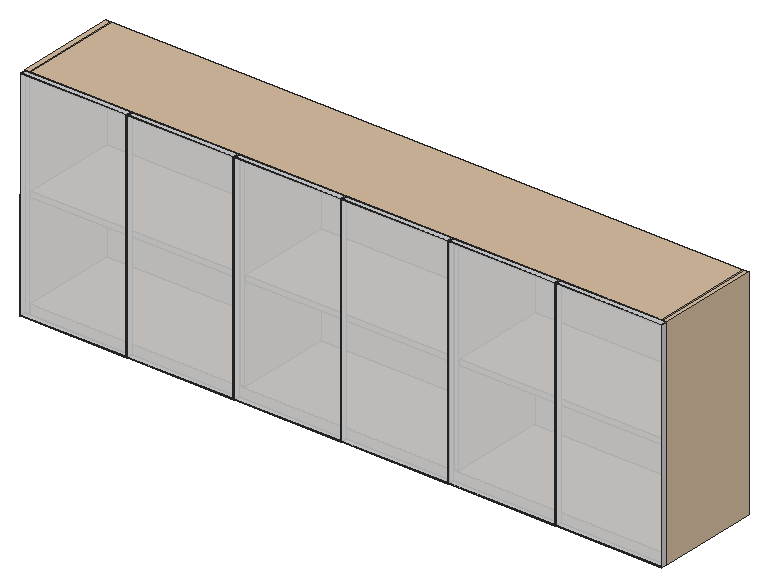
Revit family "Haworth_Masters_OverheadStorageUnit", category Furniture Systems, Revit 2018
Family settings
  Round Connector Dimension = Use Diameter
  Part Type = Normal
  OmniClass Number = 23.40.70.14.64.21
  OmniClass Title = Systems Furniture
  Work Plane-Based = No
  Always vertical = Yes
  Cut with Voids When Loaded = No
  Shared = No
  Room Calculation Point = No
Parameters (values of type "33H 96W With Glass Hinged Doors")
  Width = 96"
  Warranty = "http://www.haworth.com/resources/product-info/warranties"
  URL = "http://www.haworth.com/"
  Trim Finish = Haworth _ Metal _ Brushed Aluminum
  Standard Widths = "60-108 in. @ 6 in. increments"  # constant formula
  Solid Door = no
  Sliding Right = or(and(Sliding Door, Actual Width > 72"), Hinged Doors)  # yes
  Sliding Left = or(Sliding Door, Hinged Doors)  # yes
  Sliding Door Front Width = if(and(Actual Width > 72", Sliding Door), (Actual Width / 3) - 1/8", if(and(Actual Width < 73", Sliding Door), (Actual Width / 2) - 1/8", Hinged Door Front Width))  # 15 7/8"
  Sliding Door = no
  Shelf Two Section = and([33in. Height], Actual Width < 73")  # no
  Shelf Offset Bottom = 15 1/2"  # constant formula
  Shelf Offset = 15"  # constant formula
  Shelf Front Offset = if(Hinged Doors, 1", 2 1/2")  # 1"
  Shelf Finish = Haworth _ Wood _ Beech
  Shelf Three Section = and([33in. Height], Actual Width > 73")  # yes
  Product Page URL = "http://www.haworth.com/products/desks-and-storage/executive/suite"
  Panel Thickness = 3/4"  # constant formula
  Sustainability Info = "http://www.haworth.com/company-info/sustainablility"
  Size = "Verify Final Dim. w/ Haworth"  # constant formula
  Revision Number = "2"  # constant formula
  Mounting Offset [instance] = 48 1/2"
  Model = ""
  Min Width = 42"  # constant formula
  Max Width = 108"  # constant formula
  Manufacturer = "Haworth"  # constant formula
  Hinged Left Right = Hinged Doors  # yes
  Hinged Doors = not(Sliding Door)  # yes
  Hinged Center = and(Hinged Doors, Actual Width > 72")  # yes
  Glass Door = not(Solid Door)  # yes
  Front Finish = Haworth _ Glass _ Frosted
  Door Gap = 1/16"  # constant formula
  Hinged Door Front Width = if(Actual Width > 72", (Actual Width / 6) - 1/8", if(Actual Width < 42 13/128", (Actual Width / 2) - 1/8", (Actual Width / 4) - 1/8"))  # 15 7/8"
  Door Front Offset = 1/8"  # constant formula
  Door Front Height = Actual Height  # 32 1/2"
  Door Front Depth = 7/8"  # constant formula
  Divider Left Right = Actual Width > 72"  # yes
  Divider Center = Actual Width < 73"  # no
  Divider LR Location = Actual Width / 3  # 32"
  Custom Size = not(or(Width = 60", Width = 66", Width = 72", Width = 78", Width = 84", Width = 90", Width = 96", Width = 102", Width = 108"))  # no
  Arrow Offset = 6"  # constant formula
  Actual Depth = 16"  # constant formula
  33in. Height = yes
  Description = "Haworth - Masters Overhead Storage Unit"  # constant formula
  Cabinet Finish = Haworth _ Wood _ Beech
  Base Height = 1 1/2"  # constant formula
  Author = "Haworth (Hampton)"  # constant formula
  Assembly Code = "E2020200"
  Actual Width = if(Width > Max Width, Max Width, if(Width < Min Width, Min Width, Width))  # 96"
  Actual Height = if([33in. Height], 32 1/2", 16 1/2")  # 32 1/2"
  17in. Height = not([33in. Height])  # no
Types (6): name | Width | Trim Finish | Solid Door | Sliding Door Front Width | Sliding Door | Shelf Front Offset | Shelf Finish | Shelf Three Section | Model | Hinged Left Right | Hinged Doors | Hinged Center | Glass Door | Front Finish | Hinged Door Front Width | Door Front Height | Divider Left Right | Divider Center | Divider LR Location | Custom Size | 33in. Height | Cabinet Finish | Actual Width | Actual Height | 17in. Height
  17H 96W With Glass Hinged Doors | 96" | Haworth _ Metal _ Brushed Aluminum | no | 15 7/8" | no | 1" | Haworth _ Wood _ Beech | no | "" | yes | yes | yes | yes | Haworth _ Glass _ Frosted | 15 7/8" | 16 1/2" | yes | no | 32" | no | no | Haworth _ Wood _ Beech | 96" | 16 1/2" | yes
  33H 96W With Glass Hinged Doors | 96" | Haworth _ Metal _ Brushed Aluminum | no | 15 7/8" | no | 1" | Haworth _ Wood _ Beech | yes | "" | yes | yes | yes | yes | Haworth _ Glass _ Frosted | 15 7/8" | 32 1/2" | yes | no | 32" | no | yes | Haworth _ Wood _ Beech | 96" | 32 1/2" | no
  33H 96W With Glass Sliding Doors | 96" | Haworth _ Metal _ Brushed Aluminum | no | 31 7/8" | yes | 2 1/2" | Haworth _ Wood _ Beech | yes | "" | no | no | no | yes | Haworth _ Glass _ Frosted | 15 7/8" | 32 1/2" | yes | no | 32" | no | yes | Haworth _ Wood _ Beech | 96" | 32 1/2" | no
  17H 96W With Glass Sliding Doors | 96" | Haworth _ Metal _ Brushed Aluminum | no | 31 7/8" | yes | 2 1/2" | Haworth _ Wood _ Beech | no | "" | no | no | no | yes | Haworth _ Glass _ Frosted | 15 7/8" | 16 1/2" | yes | no | 32" | no | no | Haworth _ Wood _ Beech | 96" | 16 1/2" | yes
  17h 42w With Glass Hinged Doors | 42" | Haworth _ Paint _ Undecided _ Storage | yes | 20 7/8" | no | 1" | Haworth _ Wood _ Undecided _ Storage | no | "Haworth - Masters Overhead Storage Unit" | yes | yes | no | no | Haworth _ Wood _ Undecided _ Storage | 20 7/8" | 16 1/2" | no | yes | 14" | yes | no | Haworth _ Wood _ Undecided _ Storage | 42" | 16 1/2" | yes
  17h 72w With Glass Hinged Doors | 72" | Haworth _ Paint _ Undecided _ Storage | yes | 17 7/8" | no | 1" | Haworth _ Wood _ Undecided _ Storage | no | "Haworth - Masters Overhead Storage Unit" | yes | yes | no | no | Haworth _ Wood _ Undecided _ Storage | 17 7/8" | 16 1/2" | no | yes | 24" | no | no | Haworth _ Wood _ Undecided _ Storage | 72" | 16 1/2" | yes
Reference planes (in)
  plane 1 "Back": y = -0.5
  plane 2: z = 48.5
  plane 3 "Center L/R": x = -0.5
  plane 4 "Left": x = -48.5
  plane 5 "Right": x = 47.5
  plane 6 "Back of Drawer": y = -15.625
  plane 7 "Front": y = -16.5
  plane 8 "Top of Base": z = 50
  plane 9 "Left Inside": x = -47.75
  plane 10 "Right Inside": x = 46.75
  plane 11 "Center F/B": y = -8.5
  plane 12 "Back Inside Cabinet": y = -1.25
  plane 13 "Top": z = 81
  plane 14 "Shelf Front": y = -15.5
  plane 15 "Door Edge Left": x = -48.4375
  plane 16 "Door Edge Right": x = 47.4375
  plane 17 "Top Bottom": z = 80.25
  plane 18 "Shelf 4 Top": z = 65
  plane 19 "Shelf 4 Bottom": z = 64.25
  plane 20 "Divider Left": x = -16.5
  plane 21 "Divider Right": x = 15.5
  plane 22: x = -17.25
  plane 23: x = -16.5625
  plane 24: x = -16.4375
  plane 25: x = -15.75
  plane 26: x = -1.25
  plane 27: x = -0.5625
  plane 28: x = -0.4375
  plane 29: x = 0.25
  plane 30: x = 14.75
  plane 31: x = 15.4375
  plane 32: x = 15.5625
  plane 33: x = 16.25
  plane 34: y = -15.75
  plane 35 "Door Left Left": x = -32.5625
  plane 36 "Door Right Right": x = 31.5625
  plane 37 "Door Left Right": x = -32.4375
  plane 38 "Door Right Left": x = 31.4375
Forms (in)
  Extrusion 1, solid, material "Haworth _ Wood _ Beech" <- "Cabinet Finish"
    sketch origin (114.68227, -6.06265, 0) x (1, 0, 0) y (0, 1, 0)
      loop
        line (-163.18227, 5.56265) -> (-163.18227, -9.56235) -> (-162.43227, -9.56235) -> (-162.43227, 5.56265) -> (-163.18227, 5.56265)
      loop
        line (-67.18227, 5.56265) -> (-67.93227, 5.56265) -> (-67.93227, -9.56235) -> (-67.18227, -9.56235) -> (-67.18227, 5.56265)
    from 48.5 to 81
  Extrusion 2, solid, material "Haworth _ Wood _ Beech" <- "Cabinet Finish"
    sketch origin (0, 0, 29.75) x (1, 0, 0) y (0, 1, 0)
      loop
        line (-47.75, -1.25) -> (-47.75, -15.625) -> (46.75, -15.625) -> (46.75, -1.25) -> (-47.75, -1.25)
    from 18.75 to 20.25
  Extrusion 3, solid, material "Haworth _ Wood _ Beech" <- "Cabinet Finish"
    sketch origin (0, 0, 0) x (1, 0, 0) y (0, 1, 0)
      loop
        line (-47.75, -0.5) -> (-47.75, -1.25) -> (46.75, -1.25) -> (46.75, -0.5) -> (-47.75, -0.5)
    from 48.5 to 80.25
  Extrusion 4, solid, material "Haworth _ Wood _ Beech" <- "Cabinet Finish"
    sketch origin (0, 0, 0) x (1, 0, 0) y (0, 1, 0)
      loop
        line (-47.75, -0.5) -> (-47.75, -15.625) -> (46.75, -15.625) -> (46.75, -0.5) -> (-47.75, -0.5)
    from 80.25 to 81
  Extrusion 5, solid, material "Haworth _ Wood _ Beech" <- "Cabinet Finish", visible <- "Divider Left Right"
    sketch origin (129.68227, -6.06265, 0) x (1, 0, 0) y (0, 1, 0)
      loop
        line (-146.93227, 4.81265) -> (-146.93227, -9.43735) -> (-146.18227, -9.43735) -> (-146.18227, 4.81265) -> (-146.93227, 4.81265)
    from 50 to 80.25
  Extrusion 6, solid, material "Haworth _ Wood _ Beech" <- "Cabinet Finish", visible <- "Divider Left Right"
    sketch origin (133.68227, -6.06265, 0) x (1, 0, 0) y (0, 1, 0)
      loop
        line (-150.18227, 4.81265) -> (-150.18227, -9.43735) -> (-149.43227, -9.43735) -> (-149.43227, 4.81265) -> (-150.18227, 4.81265)
    from 50 to 80.25
  Extrusion 7, solid, material "Haworth _ Wood _ Beech" <- "Cabinet Finish", visible <- "Divider Center"
    sketch origin (160.68227, -6.06265, 0) x (1, 0, 0) y (0, 1, 0)
      loop
        line (-161.93227, 4.81265) -> (-161.93227, -9.43735) -> (-161.18227, -9.43735) -> (-161.18227, 4.81265) -> (-161.93227, 4.81265)
    from 50 to 80.25
  Extrusion 8, solid, material "Haworth _ Wood _ Beech" <- "Cabinet Finish", visible <- "Divider Center"
    sketch origin (164.68227, -6.06265, 0) x (1, 0, 0) y (0, 1, 0)
      loop
        line (-165.18227, 4.81265) -> (-165.18227, -9.43735) -> (-164.43227, -9.43735) -> (-164.43227, 4.81265) -> (-165.18227, 4.81265)
    from 50 to 80.25
  Extrusion 9, solid, material "Haworth _ Wood _ Beech" <- "Cabinet Finish", visible <- "Divider Left Right"
    sketch origin (180.68227, -6.06265, 0) x (1, 0, 0) y (0, 1, 0)
      loop
        line (-165.93227, 4.81265) -> (-165.93227, -9.43735) -> (-165.18227, -9.43735) -> (-165.18227, 4.81265) -> (-165.93227, 4.81265)
    from 50 to 80.25
  Extrusion 10, solid, material "Haworth _ Wood _ Beech" <- "Cabinet Finish", visible <- "Divider Left Right"
    sketch origin (183.68227, -6.06265, 0) x (1, 0, 0) y (0, 1, 0)
      loop
        line (-168.18227, 4.81265) -> (-168.18227, -9.43735) -> (-167.43227, -9.43735) -> (-167.43227, 4.81265) -> (-168.18227, 4.81265)
    from 50 to 80.25
  Extrusion 11, solid, material "Haworth _ Wood _ Beech" <- "Shelf Finish", visible <- "Shelf Two Section"
    sketch origin (0, 0, 0) x (1, 0, 0) y (0, 1, 0)
      loop
        line (-47.75, -1.25) -> (-47.75, -15.5) -> (-1.25, -15.5) -> (-1.25, -1.25) -> (-47.75, -1.25)
      loop
        line (0.25, -1.25) -> (0.25, -15.5) -> (46.75, -15.5) -> (46.75, -1.25) -> (0.25, -1.25)
    from 64.25 to 65
  Extrusion 12, solid, material "Haworth _ Wood _ Beech" <- "Shelf Finish", visible <- "Shelf Three Section"
    sketch origin (0, 0, 0) x (1, 0, 0) y (0, 1, 0)
      loop
        line (-47.75, -1.25) -> (-47.75, -15.5) -> (-17.25, -15.5) -> (-17.25, -1.25) -> (-47.75, -1.25)
      loop
        line (-15.75, -1.25) -> (-15.75, -15.5) -> (14.75, -15.5) -> (14.75, -1.25) -> (-15.75, -1.25)
      loop
        line (16.25, -1.25) -> (16.25, -15.5) -> (46.75, -15.5) -> (46.75, -1.25) -> (16.25, -1.25)
    from 64.25 to 65
Lines and regions (in)
  Masking region 1
    outline origin (0, 0, 0) x (1, 0, 0) y (0, 1, 0)
      loop
        line (-48.5, -0.5) -> (-48.5, -15.625) -> (47.5, -15.625) -> (47.5, -0.5) -> (-48.5, -0.5)
  symbolic lines, style "Haworth Hidden", detail levels medium+fine
    curve 1: line (-47.75, -1.25, 0) -> (46.75, -1.25, 0)
    curve 2: line (46.75, -0.5, 0) -> (46.75, -15.625, 0)
    curve 3: line (-47.75, -0.5, 0) -> (-47.75, -15.625, 0)
Dimensions and locks (in)
  "Actual Depth": plane 1 "Back" to plane 7 "Front"
  "Actual Width": plane 4 "Left" to plane 5 "Right"
  equal spacing: plane 4 "Left", plane 3 "Center L/R", plane 5 "Right"
  "Panel Thickness": plane 9 "Left Inside" to plane 4 "Left"
  "Panel Thickness": plane 5 "Right" to plane 10 "Right Inside"
  "Base Height": plane 8 "Top of Base" to plane 2
  "Panel Thickness": plane 12 "Back Inside Cabinet" to plane 1 "Back"
  "Door Front Depth": plane 6 "Back of Drawer" to plane 7 "Front"
  "Shelf Front Offset": plane 14 "Shelf Front" to plane 7 "Front"
  "Panel Thickness": plane 13 "Top" to plane 17 "Top Bottom"
  "Panel Thickness": plane 18 "Shelf 4 Top" to plane 19 "Shelf 4 Bottom"
  "Door Gap": plane 4 "Left" to plane 15 "Door Edge Left"
  "Door Gap": plane 16 "Door Edge Right" to plane 5 "Right"
  "Mounting Offset": plane 2 to level
  "Actual Height": plane 13 "Top" to plane 2
  "Divider LR Location": plane 4 "Left" to plane 20 "Divider Left"
  "Divider LR Location": plane 21 "Divider Right" to plane 5 "Right"
  "Door Gap": plane 23 to plane 20 "Divider Left"
  "Door Gap": plane 20 "Divider Left" to plane 24
  "Panel Thickness": plane 22 to plane 20 "Divider Left"
  "Panel Thickness": plane 20 "Divider Left" to plane 25
  "Door Gap": plane 27 to plane 3 "Center L/R"
  "Panel Thickness": plane 26 to plane 3 "Center L/R"
  "Door Gap": plane 3 "Center L/R" to plane 28
  "Panel Thickness": plane 3 "Center L/R" to plane 29
  "Door Gap": plane 31 to plane 21 "Divider Right"
  "Panel Thickness": plane 30 to plane 21 "Divider Right"
  "Door Gap": plane 21 "Divider Right" to plane 32
  "Panel Thickness": plane 21 "Divider Right" to plane 33
  "Door Front Offset": plane 6 "Back of Drawer" to plane 34
  "Hinged Door Front Width": plane 15 "Door Edge Left" to plane 35 "Door Left Left"
  "Hinged Door Front Width": plane 36 "Door Right Right" to plane 16 "Door Edge Right"
  "Door Front Offset": plane 35 "Door Left Left" to plane 37 "Door Left Right"
  "Door Front Offset": plane 38 "Door Right Left" to plane 36 "Door Right Right"
  aligned and locked: plane 5 "Right" to Extrusion 1 sketch curve
  aligned and locked: plane 4 "Left" to Extrusion 1 sketch curve
  aligned and locked: Extrusion 1 sketch curve to plane 9 "Left Inside"
  aligned and locked: Extrusion 1 sketch curve to plane 10 "Right Inside"
  aligned and locked: plane 8 "Top of Base" to Extrusion 2
  aligned and locked: plane 6 "Back of Drawer" to Extrusion 2 sketch curve
  aligned and locked: Extrusion 1 sketch curve to plane 6 "Back of Drawer"
  aligned and locked: Extrusion 2 to plane 2
  aligned and locked: plane 9 "Left Inside" to Extrusion 2 sketch curve
  aligned and locked: Extrusion 2 sketch curve to plane 10 "Right Inside"
  aligned and locked: Extrusion 2 sketch curve to plane 12 "Back Inside Cabinet"
  aligned and locked: plane 1 "Back" to Extrusion 3 sketch curve
  aligned and locked: plane 12 "Back Inside Cabinet" to Extrusion 3 sketch curve
  aligned: plane 13 "Top" to Extrusion 3
  aligned and locked: plane 5 "Right" to Masking region 1 sketch curve
  aligned and locked: plane 4 "Left" to Masking region 1 sketch curve
  aligned and locked: plane 6 "Back of Drawer" to Extrusion 4 sketch curve
  aligned and locked: plane 9 "Left Inside" to Extrusion 4 sketch curve
  aligned and locked: Extrusion 4 sketch curve to plane 10 "Right Inside"
  aligned and locked: plane 1 "Back" to Extrusion 4 sketch curve
  aligned and locked: plane 13 "Top" to Extrusion 4
  aligned and locked: Extrusion 4 to plane 17 "Top Bottom"
  aligned and locked: plane 9 "Left Inside" to Extrusion 3 sketch curve
  aligned and locked: Extrusion 3 sketch curve to plane 10 "Right Inside"
  aligned and locked: plane 1 "Back" to Extrusion 1 sketch curve  (x2)
  aligned and locked: Masking region 1 to plane 6 "Back of Drawer"
  aligned and locked: plane 13 "Top" to Extrusion 1
  aligned and locked: plane 17 "Top Bottom" to Extrusion 3
  aligned and locked: nested 1 to plane 13 "Top"
  aligned and locked: Extrusion 1 to plane 2
  aligned and locked: Extrusion 3 to plane 2
  aligned and locked: plane 17 "Top Bottom" to Extrusion 6
  aligned and locked: plane 17 "Top Bottom" to Extrusion 5
  aligned and locked: plane 17 "Top Bottom" to Extrusion 7
  aligned and locked: plane 17 "Top Bottom" to Extrusion 8
  aligned and locked: plane 17 "Top Bottom" to Extrusion 9
  aligned and locked: plane 17 "Top Bottom" to Extrusion 10
  aligned and locked: Extrusion 6 to plane 8 "Top of Base"
  aligned and locked: Extrusion 7 to plane 8 "Top of Base"
  aligned and locked: Extrusion 8 to plane 8 "Top of Base"
  aligned and locked: Extrusion 9 to plane 8 "Top of Base"
  aligned and locked: Extrusion 10 to plane 8 "Top of Base"
  aligned and locked: Extrusion 5 to plane 8 "Top of Base"
  aligned and locked: plane 12 "Back Inside Cabinet" to Extrusion 7
  aligned and locked: plane 12 "Back Inside Cabinet" to Extrusion 6
  aligned and locked: plane 12 "Back Inside Cabinet" to Extrusion 10
  aligned and locked: plane 12 "Back Inside Cabinet" to Extrusion 5
  aligned and locked: plane 12 "Back Inside Cabinet" to Extrusion 8
  aligned and locked: plane 12 "Back Inside Cabinet" to Extrusion 9
  aligned and locked: Extrusion 5 to plane 14 "Shelf Front"
  aligned and locked: Extrusion 6 to plane 14 "Shelf Front"
  aligned and locked: Extrusion 7 to plane 14 "Shelf Front"
  aligned and locked: Extrusion 8 to plane 14 "Shelf Front"
  aligned and locked: Extrusion 10 to plane 14 "Shelf Front"
  aligned and locked: Extrusion 9 to plane 14 "Shelf Front"
  aligned and locked: plane 25 to Extrusion 6
  aligned and locked: Extrusion 6 to plane 20 "Divider Left"
  aligned and locked: plane 20 "Divider Left" to Extrusion 5
  aligned and locked: Extrusion 5 to plane 22
  aligned and locked: plane 29 to Extrusion 8
  aligned and locked: Extrusion 8 to plane 3 "Center L/R"
  aligned and locked: plane 3 "Center L/R" to Extrusion 7
  aligned and locked: Extrusion 7 to plane 26
  aligned and locked: plane 33 to Extrusion 10
  aligned and locked: Extrusion 10 to plane 21 "Divider Right"
  aligned and locked: plane 21 "Divider Right" to Extrusion 9
  aligned and locked: Extrusion 9 to plane 30
  aligned and locked: plane 9 "Left Inside" to Extrusion 11 sketch curve
  aligned and locked: Extrusion 11 sketch curve to plane 26
  aligned and locked: Extrusion 11 sketch curve to plane 12 "Back Inside Cabinet"  (x2)
  aligned and locked: plane 14 "Shelf Front" to Extrusion 11 sketch curve  (x2)
  aligned and locked: plane 29 to Extrusion 11 sketch curve
  aligned and locked: Extrusion 11 sketch curve to plane 10 "Right Inside"
  aligned and locked: Extrusion 11 to plane 19 "Shelf 4 Bottom"
  aligned and locked: Extrusion 12 sketch curve to plane 10 "Right Inside"
  aligned and locked: plane 33 to Extrusion 12 sketch curve
  aligned and locked: Extrusion 12 sketch curve to plane 12 "Back Inside Cabinet"  (x3)
  aligned and locked: plane 14 "Shelf Front" to Extrusion 12 sketch curve  (x3)
  aligned and locked: Extrusion 12 sketch curve to plane 30
  aligned and locked: plane 25 to Extrusion 12 sketch curve
  aligned and locked: Extrusion 12 sketch curve to plane 22
  aligned and locked: plane 9 "Left Inside" to Extrusion 12 sketch curve
  aligned and locked: plane 18 "Shelf 4 Top" to Extrusion 12
  aligned and locked: Extrusion 12 to plane 19 "Shelf 4 Bottom"
  aligned and locked: nested 1 to plane 15 "Door Edge Left"
  aligned and locked: plane 34 to nested 1
  aligned and locked: plane 13 "Top" to nested 2
  aligned and locked: plane 13 "Top" to nested 4
  aligned and locked: nested 3 to plane 13 "Top"
  aligned and locked: plane 16 "Door Edge Right" to nested 4
  aligned and locked: nested 4 to plane 34
  aligned and locked: nested 5 to plane 24
  aligned and locked: nested 6 to plane 31
  aligned and locked: plane 13 "Top" to nested 6
  aligned and locked: nested 5 to plane 13 "Top"
  aligned and locked: nested 3 to plane 38 "Door Right Left"
  aligned and locked: plane 34 to nested 3
  aligned and locked: plane 37 "Door Left Right" to nested 2
  aligned and locked: nested 2 to plane 34
Automatic sketch dimensions
  curve 3 to plane 6 "Back of Drawer" = 0"
  curve 3 to plane 9 "Left Inside" = 0"
  plane 6 "Back of Drawer" to curve 2 = 0"
  curve 2 to plane 10 "Right Inside" = 0"
  plane 12 "Back Inside Cabinet" to curve 1 = 0"
  plane 1 "Back" to curve 3 = 0"
  plane 1 "Back" to curve 2 = 0"
  plane 6 "Back of Drawer" to Extrusion 1 sketch curve = 0"
  Masking region 1 sketch curve to plane 6 "Back of Drawer" = 0"
  plane 1 "Back" to Masking region 1 sketch curve = 0"
  plane 6 "Back of Drawer" to Extrusion 5 sketch curve = 1/8"
  plane 1 "Back" to Extrusion 5 sketch curve = 3/4"
  plane 9 "Left Inside" to Extrusion 5 sketch curve = 30 1/2"
  Extrusion 5 sketch curve to Extrusion 5 sketch curve = 3/4"
  plane 6 "Back of Drawer" to Extrusion 6 sketch curve = 1/8"
  plane 1 "Back" to Extrusion 6 sketch curve = 3/4"
  plane 22 to Extrusion 6 sketch curve = 3/4"
  Extrusion 6 sketch curve to Extrusion 6 sketch curve = 3/4"
  plane 6 "Back of Drawer" to Extrusion 7 sketch curve = 1/8"
  plane 1 "Back" to Extrusion 7 sketch curve = 3/4"
  Extrusion 7 sketch curve to plane 26 = 0"
  Extrusion 7 sketch curve to Extrusion 7 sketch curve = 3/4"
  plane 6 "Back of Drawer" to Extrusion 8 sketch curve = 1/8"
  plane 1 "Back" to Extrusion 8 sketch curve = 3/4"
  plane 26 to Extrusion 8 sketch curve = 3/4"
  Extrusion 8 sketch curve to Extrusion 8 sketch curve = 3/4"
  plane 6 "Back of Drawer" to Extrusion 9 sketch curve = 1/8"
  plane 1 "Back" to Extrusion 9 sketch curve = 3/4"
  Extrusion 9 sketch curve to plane 30 = 0"
  Extrusion 9 sketch curve to Extrusion 9 sketch curve = 3/4"
  plane 6 "Back of Drawer" to Extrusion 10 sketch curve = 1/8"
  plane 1 "Back" to Extrusion 10 sketch curve = 3/4"
  plane 30 to Extrusion 10 sketch curve = 3/4"
  Extrusion 10 sketch curve to Extrusion 10 sketch curve = 3/4"
Nested families (in)
  nested 1: "Haworth_Suite-Door-Front" at (-40.5, -15.625, 48.5) x (-1, 0, 0) z (0, 0, 1), Door Front Width <- "Sliding Door Front Width", Door Front Height <- "Door Front Height", visible <- "Sliding Left", Hinged <- "Hinged Doors", type "Haworth_Door"
    with Sliding no, Hinged yes, Door Front Width 15 7/8", Door Front Height 32 1/2", Solid Doors no, Glass Doors yes, Arrow Offset 6"
  nested 2: "Haworth_Suite-Door-Front" at (-24.5, -15.625, 48.5), Door Front Width <- "Hinged Door Front Width", Door Front Height <- "Door Front Height", visible <- "Hinged Left Right", Hinged <- "Hinged Doors", type "Haworth_Door"
    with Sliding no, Hinged yes, Door Front Width 15 7/8", Door Front Height 32 1/2", Solid Doors no, Glass Doors yes, Arrow Offset 6"
  nested 3: "Haworth_Suite-Door-Front" at (23.5, -15.625, 48.5) x (-1, 0, 0) z (0, 0, 1), Door Front Width <- "Hinged Door Front Width", Door Front Height <- "Door Front Height", visible <- "Hinged Left Right", Hinged <- "Hinged Doors", type "Haworth_Door"
    with Sliding no, Hinged yes, Door Front Width 15 7/8", Door Front Height 32 1/2", Solid Doors no, Glass Doors yes, Arrow Offset 6"
  nested 4: "Haworth_Suite-Door-Front" at (39.5, -15.625, 48.5), Door Front Width <- "Sliding Door Front Width", Door Front Height <- "Door Front Height", visible <- "Sliding Right", Hinged <- "Hinged Doors", type "Haworth_Door"
    with Sliding no, Hinged yes, Door Front Width 15 7/8", Door Front Height 32 1/2", Solid Doors no, Glass Doors yes, Arrow Offset 6"
  nested 5: "Haworth_Suite-Door-Front" at (-8.5, -15.625, 48.5) x (-1, 0, 0) z (0, 0, 1), Door Front Width <- "Hinged Door Front Width", Door Front Height <- "Door Front Height", visible <- "Hinged Center", Hinged <- "Hinged Doors", type "Haworth_Door"
    with Sliding no, Hinged yes, Door Front Width 15 7/8", Door Front Height 32 1/2", Solid Doors no, Glass Doors yes, Arrow Offset 6"
  nested 6: "Haworth_Suite-Door-Front" at (7.5, -15.625, 48.5), Door Front Width <- "Hinged Door Front Width", Door Front Height <- "Door Front Height", visible <- "Hinged Center", Hinged <- "Hinged Doors", type "Haworth_Door"
    with Sliding no, Hinged yes, Door Front Width 15 7/8", Door Front Height 32 1/2", Solid Doors no, Glass Doors yes, Arrow Offset 6"
Definition of nested family "Haworth_Suite-Door-Front"
  Parameters
    Trim Thickness = 1/16"  # constant formula
    Trim Inset = 1/32"  # constant formula
    Trim Finish = none
    Solid Doors = not(Glass Doors)  # yes
    Sliding [instance] = not(Hinged)  # no
    Hinged [instance] = yes
    Glass Doors = no
    Door Front Width [instance] = 17 13/16"
    Door Front Height [instance] = 22 3/4"
    Door Front Depth = 3/4"  # constant formula
    Door Finish = none
    Assembly Code = ""
    Arrow Offset = 12"
    Arrow Length = 4"  # constant formula
    Arrow Height = 2"  # constant formula
  Reference planes (in)
    plane 1 "Drawer Back": y = -0.125
    plane 2: z = 0
    plane 3 "Center L/R": x = 0
    plane 4 "Front": y = -0.875
    plane 5 "Left": x = -8.90625
    plane 6 "Right": x = 8.90625
    plane 7 "Top": z = 22.75
    plane 8 "Center": z = 11.375
    plane 9 "Trim Top": z = 22.6875
    plane 10 "Trim Bottom": z = 0.0625
    plane 11 "Trim Left": x = -8.84375
    plane 12 "Trim Right": x = 8.84375
    plane 13 "Trim Front": y = -0.84375
    plane 14 "Trim Back": y = -0.15625
    plane 15: x = -4
    plane 16: x = 4
    plane 17: z = 10.75
    plane 18: z = 8.75
  Forms (in)
    Extrusion 1, solid, material <- "Door Finish", visible <- "Glass Doors"
      sketch origin (0, 0, 0) x (1, 0, 0) y (0, 1, 0)
        loop
          line (-8.84375, -0.15625) -> (-8.84375, -0.84375) -> (8.84375, -0.84375) -> (8.84375, -0.15625) -> (-8.84375, -0.15625)
      from 0.0625 to 22.6875
    Extrusion 2, solid, material <- "Trim Finish", visible <- "Glass Doors"
      sketch origin (0, -0.875, 0) x (-1, 0, 0) y (0, 0, 1)
        loop
          line (8.90625, 22.75) -> (-8.90625, 22.75) -> (-8.84375, 22.6875) -> (8.84375, 22.6875) -> (8.90625, 22.75)
        loop
          line (8.90625, 0) -> (8.84375, 0.0625) -> (-8.84375, 0.0625) -> (-8.90625, 0) -> (8.90625, 0)
      from 0 to 0.75
    Extrusion 3, solid, material <- "Trim Finish", visible <- "Glass Doors"
      sketch origin (0, -0.875, 0) x (-1, 0, 0) y (0, 0, 1)
        loop
          line (8.90625, 0) -> (8.90625, 22.75) -> (8.84375, 22.6875) -> (8.84375, 0.0625) -> (8.90625, 0)
        loop
          line (-8.90625, 0) -> (-8.84375, 0.0625) -> (-8.84375, 22.6875) -> (-8.90625, 22.75) -> (-8.90625, 0)
      from 0 to 0.75
    Extrusion 4, solid, material <- "Door Finish", visible <- "Solid Doors"
      sketch origin (38.84375, 0, 26) x (1, 0, 0) y (0, 1, 0)
        loop
          line (-47.75, -0.125) -> (-47.75, -0.875) -> (-29.9375, -0.875) -> (-29.9375, -0.125) -> (-47.75, -0.125)
      from -26 to -3.25
  Lines and regions (in)
    Masking region 1
      outline origin (0, 0, 0) x (1, 0, 0) y (0, 1, 0)
        loop
          line (-8.90625, -0.875) -> (8.90625, -0.875) -> (8.90625, -0.125) -> (-8.90625, -0.125) -> (-8.90625, -0.875)
    model lines, detail levels medium+fine
      curve 1: line (-8.90625, -0.125, 0) -> (8.90625, -0.125, 0)
    symbolic lines, visible <- "Hinged"
      curve 2: line (-8.90625, -0.875, 22.75) -> (8.90625, -0.875, 11.375)
      curve 3: line (8.90625, -0.875, 11.375) -> (-8.90625, -0.875, 0)
    symbolic lines, visible <- "Sliding"
      curve 4: line (-4, -0.875, 9.75) -> (4, -0.875, 9.75)
      curve 5: line (-4, -0.875, 9.75) -> (-2.5, -0.875, 10.75)
      curve 6: line (-4, -0.875, 9.75) -> (-2.5, -0.875, 8.75)
      curve 7: line (4, -0.875, 9.75) -> (2.5, -0.875, 10.75)
      curve 8: line (4, -0.875, 9.75) -> (2.5, -0.875, 8.75)
  Dimensions and locks (in)
    equal spacing: plane 5 "Left", plane 3 "Center L/R", plane 6 "Right"
    "Door Front Width": plane 5 "Left" to plane 6 "Right"
    "Door Front Height": plane 7 "Top" to level
    "Door Front Depth": plane 4 "Front" to plane 1 "Drawer Back"
    equal spacing: plane 7 "Top", plane 8 "Center", plane 2
    "Trim Thickness": plane 11 "Trim Left" to plane 5 "Left"
    "Trim Thickness": plane 12 "Trim Right" to plane 6 "Right"
    "Trim Thickness": plane 10 "Trim Bottom" to plane 2
    "Trim Thickness": plane 7 "Top" to plane 9 "Trim Top"
    "Trim Inset": plane 4 "Front" to plane 13 "Trim Front"
    "Trim Inset": plane 14 "Trim Back" to plane 1 "Drawer Back"
    "Arrow Length": plane 3 "Center L/R" to plane 15
    "Arrow Length": plane 16 to plane 3 "Center L/R"
    "Arrow Height": plane 17 to plane 18
    "Arrow Offset": plane 7 "Top" to plane 17
    aligned and locked: level to plane 2
    aligned and locked: Masking region 1 sketch curve to plane 6 "Right"
    aligned and locked: Masking region 1 sketch curve to plane 5 "Left"
    aligned and locked: Masking region 1 sketch curve to plane 1 "Drawer Back"
    aligned and locked: Masking region 1 sketch curve to plane 4 "Front"
    aligned and locked: plane 7 "Top" to Extrusion 2 sketch curve
    aligned and locked: Extrusion 2 sketch curve to plane 9 "Trim Top"
    aligned and locked: Extrusion 2 sketch curve to plane 10 "Trim Bottom"
    aligned and locked: plane 2 to Extrusion 2 sketch curve
    aligned and locked: plane 5 "Left" to Extrusion 3 sketch curve
    aligned and locked: plane 11 "Trim Left" to Extrusion 3 sketch curve
    aligned and locked: plane 12 "Trim Right" to Extrusion 3 sketch curve
    aligned and locked: Extrusion 3 sketch curve to plane 6 "Right"
    aligned and locked: Extrusion 2 to plane 4 "Front"
    aligned and locked: Extrusion 3 to plane 1 "Drawer Back"
    aligned and locked: Extrusion 2 to plane 1 "Drawer Back"
    aligned and locked: Extrusion 3 to plane 4 "Front"
    aligned and locked: plane 14 "Trim Back" to Extrusion 1
    aligned and locked: Extrusion 1 to plane 13 "Trim Front"
    aligned and locked: plane 9 "Trim Top" to Extrusion 1
    aligned and locked: Extrusion 1 to plane 10 "Trim Bottom"
    aligned and locked: Extrusion 4 to plane 2
    aligned and locked: Extrusion 4 to plane 4 "Front"
    aligned and locked: Extrusion 4 to plane 1 "Drawer Back"
    aligned and locked: Extrusion 4 to plane 5 "Left"
    aligned and locked: plane 7 "Top" to Extrusion 4
    aligned and locked: Extrusion 4 to plane 6 "Right"
    aligned and locked: plane 16 to curve 4
    aligned and locked: curve 4 to plane 15
    aligned and locked: plane 17 to curve 5
  Automatic sketch dimensions
    plane 1 "Drawer Back" to curve 1 = 0"
    curve 1 to plane 5 "Left" = 0"
    curve 1 to plane 6 "Right" = 0"
    Extrusion 1 sketch curve to plane 11 "Trim Left" = 0"
    Extrusion 1 sketch curve to plane 12 "Trim Right" = 0"
    plane 1 "Drawer Back" to Extrusion 1 sketch curve = 1/32"
    plane 6 "Right" to curve 2 = 0"
    curve 3 to level = 0"
    curve 3 to plane 5 "Left" = 0"
    curve 2 to plane 5 "Left" = 0"
    curve 3 to plane 8 "Center" = 0"
    curve 2 to plane 7 "Top" = 0"
    plane 6 "Right" to Extrusion 2 sketch curve = 0"  (x2)
    Extrusion 2 sketch curve to plane 12 "Trim Right" = 0"  (x2)
    Extrusion 2 sketch curve to plane 11 "Trim Left" = 0"  (x2)
    Extrusion 2 sketch curve to plane 5 "Left" = 0"  (x2)
    Extrusion 3 sketch curve to level = 0"  (x2)
    Extrusion 3 sketch curve to plane 10 "Trim Bottom" = 0"  (x2)
    Extrusion 3 sketch curve to plane 9 "Trim Top" = 0"  (x2)
    Extrusion 3 sketch curve to plane 7 "Top" = 0"  (x2)
    Extrusion 4 sketch curve to plane 4 "Front" = 0"
    Extrusion 4 sketch curve to plane 1 "Drawer Back" = 0"
    plane 6 "Right" to Extrusion 4 sketch curve = 17 13/16"
    Extrusion 4 sketch curve to Extrusion 4 sketch curve = 17 13/16"
    plane 4 "Front" to Extrusion 1 sketch curve = 1/32"
    curve 7 to plane 17 = 0"
    curve 8 to plane 18 = 0"
    curve 6 to plane 18 = 0"
    plane 16 to curve 7 = 1 1/2"
    plane 16 to curve 8 = 1 1/2"
    plane 15 to curve 6 = 1 1/2"
    plane 15 to curve 5 = 1 1/2"
    curve 4 to plane 17 = 1"
